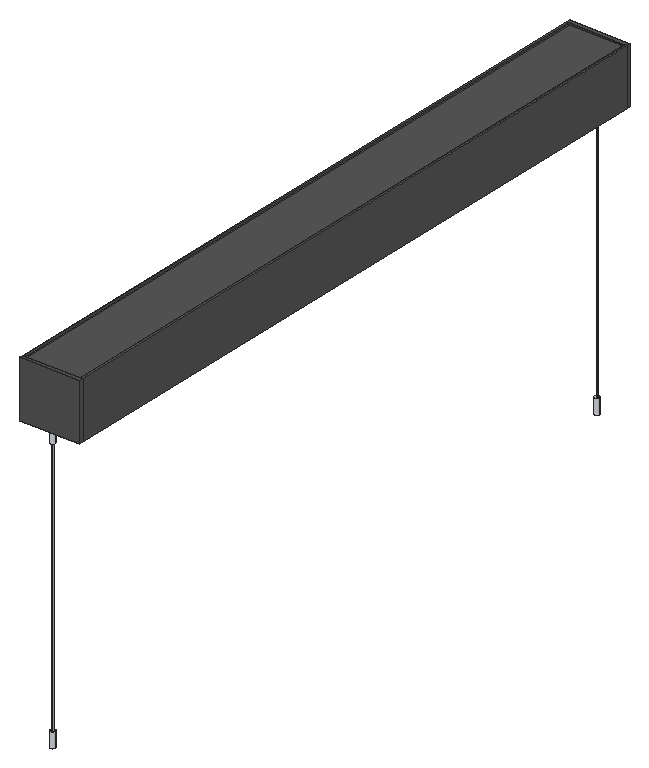
Revit family "EOS4.0-P-D", category Lighting Fixtures, host Face, Revit 2018
Family settings
  Host = Face
  Round Connector Dimension = Use Diameter
  Part Type = Normal
  Cut with Voids When Loaded = No
  Light Source = Yes
  Shared = Yes
  Room Calculation Point = Yes
Parameters (values of type "4' Direct")
  Wattage = 17.6471 W
  built-in parameter 1150110 = 1 (stored number, unit not read)
  Voltage = 0 V
  Type Comments = "LUX ILLUMINAIRE"
  built-in parameter 1114217 = 1 (stored number, unit not read)
  Tilt Angle = 90.00°
  built-in parameter 1150109 = 1 (stored number, unit not read)
  built-in parameter 1150134 = 12
  Switch Leg Visibility = no
  Switch Leg [instance] = ""
  Suspension Length [instance] = 2' - 0"
  built-in parameter 1150113 = 1 (stored number, unit not read)
  Photometric Web File = "EOS 4.0-P-D 375 4 40K 8.ies"
  Material [instance] = LUX ILLUMINAIRE Black
  Manufacturer = ""
  built-in parameter 1150105 = 119.37 (stored number, unit not read)
  Lumens = 1500 lm
  built-in parameter 1150115 = 1 (stored number, unit not read)
  built-in parameter 1150137 = (empty or 0)
  built-in parameter 1150139 = (empty or 0)
  built-in parameter 1150112 = 1 (stored number, unit not read)
  built-in parameter 1150114 = 1 (stored number, unit not read)
  Lamp = "LED"
  built-in parameter 1150132 = 2
  built-in parameter 1150102 = (empty or 0)
  built-in parameter 1150107 = 4000 (stored number, unit not read)
  built-in parameter 1150138 = (empty or 0)
  built-in parameter 1150106 = 1.1937 (stored number, unit not read)
  Fixture Width = 0' - 4 3/16"
  Fixture Symbol Visiblity = yes
  Fixture Length = 4' - 0"
  Emit from Rectangle Width = Fixture Width - 0' 0 1/4"  # 0' - 3 15/16"
  Emit from Rectangle Length = Fixture Length  # 4' - 0"
  Emit Shape Visible in Rendering = yes
  Emergency Lighting [instance] = no
  built-in parameter 1150104 = 7.8968 (stored number, unit not read)
  Dimming Lamp Color Temperature Shift = <None>
  Default Elevation = 4' - 0"
  Color Filter = 16777215
  built-in parameter 1140040 [instance] = 1
  built-in parameter 1114218 = 1 (stored number, unit not read)
  built-in parameter 1150133 = 10 (stored number, unit not read)
  Apparent Load = 13.6 VA
Types (7): name | Wattage | Type Comments | Manufacturer | built-in parameter 1150105 | Lumens | built-in parameter 1150106 | Fixture Length | Emit from Rectangle Length | Apparent Load
  2' Direct | 8.82353 W | "LUX ILLUMINAIRE" | "" | 59.683 (stored number, unit not read) | 750 lm | 0.59683 (stored number, unit not read) | 2' - 0" | 2' - 0" | 6.8 VA
  3' Direct | 13.2353 W | "LUX ILLUMINAIRE" | "" | 89.525 (stored number, unit not read) | 1125 lm | 0.89525 (stored number, unit not read) | 3' - 0" | 3' - 0" | 10.2 VA
  4' Direct | 17.6471 W | "LUX ILLUMINAIRE" | "" | 119.37 (stored number, unit not read) | 1500 lm | 1.1937 (stored number, unit not read) | 4' - 0" | 4' - 0" | 13.6 VA
  5' Direct | 22.0588 W | "LUX ILLUMINAIRE" | "" | 149.21 (stored number, unit not read) | 1875 lm | 1.4921 (stored number, unit not read) | 5' - 0" | 5' - 0" | 17 VA
  6' Direct | 26.4706 W | 0' - 0" | "LUX ILLUMINAIRE" | 179.05 (stored number, unit not read) | 2250 lm | 1.7905 (stored number, unit not read) | 6' - 0" | 6' - 0" | 20.4 VA
  7' Direct | 30.8824 W | 0' - 0" | "LUX ILLUMINAIRE" | 208.89 (stored number, unit not read) | 2625 lm | 2.0889 (stored number, unit not read) | 7' - 0" | 7' - 0" | 23.8 VA
  8' Direct | 35.2941 W | 0' - 0" | "LUX ILLUMINAIRE" | 238.73 (stored number, unit not read) | 3000 lm | 2.3873 (stored number, unit not read) | 8' - 0" | 8' - 0" | 27.2 VA
Reference planes (in)
  plane 1 "Center (Front/Back)": y = 0
  plane 2: z = 0
  plane 3 "Center (Left/Right)": x = 0
  plane 4: x = 2.09375
  plane 5: x = -2.09375
  plane 6: y = 24
  plane 7: y = -24
  plane 8: z = 24
  plane 9: y = 24.25
  plane 10: y = -24.25
  plane 11: z = 1
  plane 12: z = 20
  plane 13: z = 19.25
Forms (in)
  Extrusion 1, solid, material "LUX ILLUMINAIRE Black" <- "Material"
    sketch origin (0, 0, 0) x (1, 0, 0) y (0, 0, 1)
      loop
        line (-2.094, 19.9985) -> (-0.437, 19.9985) -> (0.438, 19.9985) -> (2.09501, 19.9985) -> (2.09501, 24) -> (2.01002, 24) -> (2.01002, 23.887) -> (1.85803, 23.90497) -> (-1.85745, 23.90497) -> (-2.00901, 23.887) -> (-2.00901, 24) -> (-2.094, 24) -> (-2.094, 19.9985)
    from -24 to 24
  Extrusion 2, solid, material "LUX ILLUMINAIRE Black" <- "Material"
    sketch origin (0, 0, 0) x (1, 0, 0) y (0, 0, 1)
      loop
        line (-2.094, 24) -> (-2.094, 19.9985) -> (-0.437, 19.9985) -> (0.438, 19.9985) -> (2.09501, 19.9985) -> (2.09501, 24) -> (-2.094, 24)
    from 24 to 24.25
  Extrusion 3, solid
    sketch origin (0, 0, 0) x (1, 0, 0) y (0, 1, 0)
      loop
        circle (0.00029, -24) r 0.1875
    from 0 to 1
  Extrusion 4, solid
    sketch origin (0, 0, 0) x (1, 0, 0) y (0, 1, 0)
      loop
        circle (0.0005, -24) r 0.03125
    from 1 to 19.25
  Extrusion 5, solid
    sketch origin (0, 0, 0) x (1, 0, 0) y (0, 1, 0)
      loop
        circle (0.0005, -24) r 0.18729
    from 19.25 to 20
  Extrusion 6, solid, not visible
    sketch origin (0, 0, 0) x (1, 0, 0) y (0, 1, 0)
      loop
        circle (0.00029, -24) r 0.1875
    from 0 to 1
  Extrusion 7, solid, not visible
    sketch origin (0, 0, 0) x (1, 0, 0) y (0, 1, 0)
      loop
        circle (0.0005, -24) r 0.03125
    from 1 to 13.33203
  Extrusion 8, solid, not visible
    sketch origin (0, 0, 0) x (1, 0, 0) y (0, 1, 0)
      loop
        circle (0.0005, -24) r 0.18729
    from 13.33203 to 14.08203
  Extrusion 9, solid, material "LUX ILLUMINAIRE Black" <- "Material"
    sketch origin (0.00056, 24, 0) x (1, 0, 0) y (0, 0, -1)
      loop
        line (-2.09431, -24) -> (2.09319, -24) -> (2.09319, -19.9985) -> (0.438, -19.9985) -> (-0.437, -19.9985) -> (-2.09431, -19.9985) -> (-2.09431, -24)
    from 0 to 0.25
  Extrusion 10, solid
    sketch origin (0, 0, 0) x (1, 0, 0) y (0, 1, 0)
      loop
        circle (0.00029, 24) r 0.1875
    from 0 to 1
  Extrusion 11, solid
    sketch origin (0, 0, 0) x (1, 0, 0) y (0, 1, 0)
      loop
        circle (0.0005, 24) r 0.03125
    from 1 to 19.25
  Extrusion 12, solid
    sketch origin (0, 0, 0) x (1, 0, 0) y (0, 1, 0)
      loop
        circle (0.0005, 24) r 0.18729
    from 19.25 to 20
Lines and regions (in)
  symbolic lines, visible <- "Fixture Symbol Visiblity"
    curve 1: line (-2.09375, 24, 0) -> (2.09375, 24, 0)
    curve 2: line (-2.09375, -24, 0) -> (-2.09375, 24, 0)
    curve 3: line (2.09375, -24, 0) -> (-2.09375, -24, 0)
    curve 4: line (2.09375, 24, 0) -> (2.09375, -24, 0)
Dimensions and locks (in)
  plane 5 to plane 4 = 0' - 4 3/16"
  equal spacing: plane 7, plane 1 "Center (Front/Back)", plane 6
  "Fixture Length": plane 7 to plane 6
  locked: plane 6 to plane 9 at 0.25
  locked: plane 10 to plane 7 at 0.25
  "Suspension Length": plane 8 to level
  "Fixture Width": plane 4 to plane 5
  equal spacing: plane 4, plane 3 "Center (Left/Right)", plane 5
  locked: nested 2 to plane 10 at 9.5
  plane 8 to plane 12 to plane 13 = 0' - 4" locked, 0' - 0 3/4" locked
  locked: imposter light to Extrusion 1 at 0.0625
  aligned and locked: plane 2 to host face
  aligned and locked: level to host face
  aligned and locked: Extrusion 9 to plane 5
  aligned and locked: plane 4 to Extrusion 9
  aligned and locked: plane 6 to Extrusion 9
  aligned and locked: Extrusion 1 to plane 6
  aligned and locked: plane 10 to Extrusion 2
  aligned and locked: Extrusion 2 to plane 7
  aligned and locked: plane 7 to Extrusion 1
  aligned and locked: Extrusion 9 to plane 9
  aligned and locked: plane 12 to Extrusion 12
  aligned and locked: Extrusion 12 to plane 13
  aligned and locked: plane 13 to Extrusion 11
  aligned and locked: plane 12 to Extrusion 5
  aligned and locked: Extrusion 5 to plane 13
  aligned and locked: plane 13 to Extrusion 4
  aligned and locked: plane 7 to nested 1
  aligned and locked: plane 6 to curve 1
  aligned and locked: plane 5 to curve 2
  aligned and locked: curve 3 to plane 7
  aligned and locked: curve 4 to plane 4
  aligned and locked: nested 1 to plane 6
  aligned and locked: plane 8 to Extrusion 9
  aligned and locked: plane 8 to Extrusion 2
Automatic sketch dimensions
  host sketch curve to host sketch curve = 8' - 0"  (x2)
  Extrusion 1 sketch curve to plane 5 = 0' - 0.00025"
  plane 5 to Extrusion 1 sketch curve = 0' - 0.08474"  (x2)
  Extrusion 1 sketch curve to plane 8 = 0' - 0.113"  (x2)
  Extrusion 1 sketch curve to plane 8 = 0' - 0.09503"  (x2)
  Extrusion 1 sketch curve to Extrusion 1 sketch curve = 0' - 0.15157"
  Extrusion 1 sketch curve to plane 12 = 0' - 0.0015"
  Extrusion 1 sketch curve to plane 3 "Center (Left/Right)" = 0' - 0.437"
  plane 3 "Center (Left/Right)" to Extrusion 1 sketch curve = 0' - 0.438"
  Extrusion 1 sketch curve to plane 4 = 0' - 0.23572"
  Extrusion 1 sketch curve to plane 4 = 0' - 0.08373"  (x2)
  plane 4 to Extrusion 1 sketch curve = 0' - 0.00126"
  plane 8 to Extrusion 1 sketch curve = 0' - 0"  (x2)
  Extrusion 1 sketch curve to Extrusion 1 sketch curve = 0' - 0"  (x2)
  Extrusion 2 sketch curve to plane 5 = 0' - 0.00025"
  Extrusion 2 sketch curve to plane 12 = 0' - 0.0015"
  Extrusion 2 sketch curve to plane 3 "Center (Left/Right)" = 0' - 0.437"
  plane 3 "Center (Left/Right)" to Extrusion 2 sketch curve = 0' - 0.438"
  plane 4 to Extrusion 2 sketch curve = 0' - 0.00126"
  plane 8 to Extrusion 2 sketch curve = 0' - 0"
  plane 5 to Extrusion 9 sketch curve = 0' - 0"
  Extrusion 9 sketch curve to plane 12 = 0' - 0.0015"
  Extrusion 9 sketch curve to plane 3 "Center (Left/Right)" = 0' - 0.43644"
  plane 3 "Center (Left/Right)" to Extrusion 9 sketch curve = 0' - 0.43856"
  plane 4 to Extrusion 9 sketch curve = 0' - 0"
  plane 8 to Extrusion 9 sketch curve = 0' - 0"
  plane 7 to Extrusion 3 sketch curve = 0' - 0"
  plane 3 "Center (Left/Right)" to Extrusion 3 sketch curve = 0' - 0.00029"
  plane 7 to Extrusion 4 sketch curve = 0' - 0"
  plane 3 "Center (Left/Right)" to Extrusion 4 sketch curve = 0' - 0.0005"
  plane 7 to Extrusion 5 sketch curve = 0' - 0"
  plane 3 "Center (Left/Right)" to Extrusion 5 sketch curve = 0' - 0.0005"
  plane 6 to Extrusion 10 sketch curve = 0' - 0"
  plane 3 "Center (Left/Right)" to Extrusion 10 sketch curve = 0' - 0.00029"
  plane 6 to Extrusion 11 sketch curve = 0' - 0"
  plane 3 "Center (Left/Right)" to Extrusion 11 sketch curve = 0' - 0.0005"
  plane 6 to Extrusion 12 sketch curve = 0' - 0"
  plane 3 "Center (Left/Right)" to Extrusion 12 sketch curve = 0' - 0.0005"
  radius of Extrusion 3 sketch curve = 0' - 0 3/16"
  radius of Extrusion 4 sketch curve = 0' - 0 1/32"
  radius of Extrusion 5 sketch curve = 0' - 0.18729"
  radius of Extrusion 6 sketch curve = 0' - 0 3/16"
  radius of Extrusion 7 sketch curve = 0' - 0 1/32"
  radius of Extrusion 8 sketch curve = 0' - 0.18729"
  radius of Extrusion 10 sketch curve = 0' - 0 3/16"
  radius of Extrusion 11 sketch curve = 0' - 0 1/32"
  radius of Extrusion 12 sketch curve = 0' - 0.18729"
Nested families (in)
  nested 1: "Emergency Symbol Rectangle" at (-11.90822, 0, 0) x (0, 1, 0) z (0, 0, 1), visible <- "Emergency Lighting", type "Emergency Symbol Rectangle"
    with Width 1' - 0.50394", Length 4' - 0"
  nested 2: "Switch Leg Annotation" at (9.99627, -14.75, 0) x (0, 1, 0) z (0, 0, 1), visible <- "Switch Leg Visibility", Switch Leg Annotation <- "Switch Leg", type "Switch Leg Annotation"
    with Switch Leg Annotation ""
Connectors (in)
  electrical at (0.00029, 24, 0), driven by "Apparent Load", driven by "Voltage"
    settings: on Extrusion 10, index 1, voltage 0 V, apparent load 0 VA, apparent load phase1 13.6 VA, apparent load phase2 0 VA, apparent load phase3 0 VA, power factor 1, load classification "Other", number of poles 1, system type 31, power factor state 1, is connector primary yes, connector utility no, sub classification motor no, connector description ""
Definition of nested family "Emergency Symbol Rectangle"
  Parameters (values of type "Emergency Symbol Rectangle")
    Width [instance] = 0' - 8 1/2"
    Length [instance] = 5' - 0"
    Emergency Visibility = no
  Reference planes (in)
    plane 1 "Center (Front/Back)": y = -7.75
    plane 2: z = 0
    plane 3 "Center (Left/Right)": x = -24
    plane 4: x = 24
    plane 5: x = -36
    plane 6: y = -3.5
    plane 7: y = -12
  Lines and regions (in)
    Filled region 1, type "Solid Fill - Black", in view "Ref. Level", detail levels coarse+medium
      outline origin (0, 0.25, 0) x (1, 0, 0) y (0, 1, 0)
        loop
          line (-36, -12.25) -> (24, -12.25) -> (-36, -10.125) -> (-36, -12.25)
  Dimensions and locks (in)
    equal spacing: plane 7, plane 1 "Center (Front/Back)", plane 6
    "Width": plane 7 to plane 6
    "Length": plane 5 to plane 4
    aligned and locked: plane 5 to Filled region 1
  Automatic sketch dimensions
    plane 1 "Center (Front/Back)" to Filled region 1 sketch curve = 0' - 2 1/8"
    Filled region 1 sketch curve to plane 3 "Center (Left/Right)" = 1' - 0"
    Filled region 1 sketch curve to plane 4 = 0' - 0"
    Filled region 1 sketch curve to plane 7 = 0' - 0"
Definition of nested family "Switch Leg Annotation"
  Parameters (values of type "Switch Leg Annotation")
    Switch Leg Annotation [instance] = ""
  Reference planes (in)
    plane 1: y = 0
    plane 2: x = 0
  Text (in)
    label "a" at (0.00527, 0.01239, 0), shows "Switch Leg Annotation"
